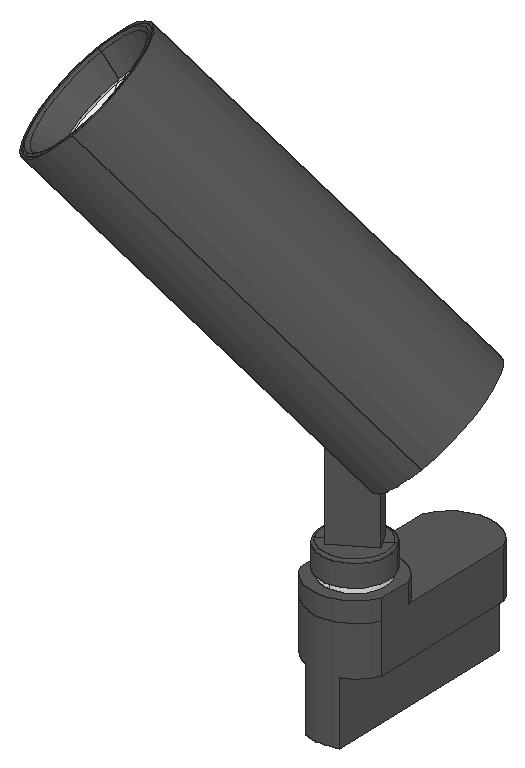
Revit family "0005429 Sylvania Lighting Fixture START Track Spot Integral 940 MB WB BLK", category Lighting Fixtures, host Face, Revit 2017
Family settings
  Host = Face
  Round Connector Dimension = Use Diameter
  Part Type = Normal
  OmniClass Number = 23.80.70.00
  OmniClass Title = Lighting
  Cut with Voids When Loaded = No
  Light Source = No
  Shared = No
  Room Calculation Point = No
Parameters (values of type "0005429 ST TRK SPT INTGRL 1500LM 940 MB BLK")
  Weight = "5.832 kg"
  Wattage Comments = ""
  WarrantyStartDate [instance] = "n/a"
  WarrantyGuarantorParts = "n/a"
  WarrantyDurationUnit = "n/a"
  WarrantyDurationParts = "n/a"
  WarrantyDescription = "n/a"
  Voltage = 230 V
  VerticalRotation_SYL [instance] = 60.00°
  VerticalEndAngle_SYL [instance] = VerticalRotation_SYL - 180.00°  # -120.00°
  URL = "http://www.sylvania-lighting.com"
  TypeName = "START Track Spot Integral 1500lm 940 MB WB BLK"
  TypeHead_SYL = START Track Spot Integral Head : 0005429 ST TRK SPT INTGRL 1500LM 940 MB BLK
  TypeArm_SYL = START Track Spot Integral Arm : START Track Spot Integral BL
  Type Image = <None>
  Type Comments = "n/a"
  SerialNumber [instance] = "n/a"
  Material_3_SYL = none
  PowerFactor = 0
  PowerConsumption = "17 W"
  NominalLength = 0 mm
  NominalHeight = 0 mm
  NominalDepth = 0 mm
  Name = "START Track Spot Integral 1500lm 940 MB WB BLK"
  ModelReference = Name  # "START Track Spot Integral 1500lm 940 MB WB BLK"
  ModelNumber = "0005429"
  Model = Name  # "START Track Spot Integral 1500lm 940 MB WB BLK"
  Material = "n/a"
  ManufacturerName = "Feilo Sylvania"
  Manufacturer = "Feilo Sylvania"
  LuminousEfficacy = "85.45 lm/W"
  LuminaireType = ""
  LightOutputRatio = "n/a"
  LampsType = Lamp  # "LED"
  LampNominalLuminous = "1500 lm"
  LampMacAdamStep = "3"
  LampColourTemperature = "4000"
  LampColourRenderingIndex = "90"
  Lamp = "LED"
  Keynote = "16500"
  InstallationDate [instance] = "n/a"
  InputVoltage = "220-240V~"
  InputNominalFrequency = "50/60 Hz"
  IngressProtection = "IP20"
  ImpactProtectionIndex = "IK03"
  IfcExportType = "IfcLightFixtureType"
  IfcExportAs = "IfcLightFixtureType"
  HorizontalRotation_SYL [instance] = 45.00°
  ExpectedLife = 50000
  ElectricShockClassification = "Class I"
  DurationUnit = "hours"
  DocumentationLiterature = "http://www.sylvania-lighting.com/product/en-int/products/0005429"
  DimmingControlOptions = "Non dimmable"
  Material_2_SYL = Spacer-Sylvania-StartTrackSpot-Aluminium
  Description = ""
  Default Elevation = 1219.2 mm
  CreatedOn = "9/6/2018"
  CreatedBy = ""
  Cost = 0
  built-in parameter 1114216 [instance] = (empty or 0)
  ClassificationValue = "EF_70_80"
  ClassificationName = "Uniclass2015"
  Material_1_SYL = Body-Sylvania-StartTrackSpot-Black
  BarCode [instance] = "n/a"
  AssetType = "Fixed"
  AssetIdentifier [instance] = "n/a"
  Assembly Code = "D5020200"
  Apparent Load = 17 VA
  Material_4_SYL = none
Types (2, lengths in mm): name | TypeName | TypeHead_SYL | Name | ModelReference | Model | LuminousEfficacy | LampNominalLuminous
  0005429 ST TRK SPT INTGRL 1500LM 940 MB BLK | "START Track Spot Integral 1500lm 940 MB WB BLK" | START Track Spot Integral Head : 0005429 ST TRK SPT INTGRL 1500LM 940 MB BLK | "START Track Spot Integral 1500lm 940 MB WB BLK" | "START Track Spot Integral 1500lm 940 MB WB BLK" | "START Track Spot Integral 1500lm 940 MB WB BLK" | "85.45 lm/W" | "1500 lm"
  0005429 ST TRK SPT INTGRL 1550LM 940 WB BLK | "START Track Spot Integral 1550lm 940 MB WB BLK" | START Track Spot Integral Head : 0005429 ST TRK SPT INTGRL 1550LM 940 WB BLK | "START Track Spot Integral 1550lm 940 MB WB BLK" | "START Track Spot Integral 1550lm 940 MB WB BLK" | "START Track Spot Integral 1550lm 940 MB WB BLK" | "90.90 lm/W" | "1550 lm"
Reference planes
  plane 1 "Center (Front/Back)": y = 0
  plane 2: z = 0
  plane 3 "Center (Left/Right)": x = 0
  plane 4: x = 16.6
  plane 5: x = -16.6
  plane 6: x = 7
  plane 7: x = -7
  plane 8: x = -12.8
  plane 9: y = 42
  plane 10: y = 42
  plane 11: y = -42
  plane 12: y = 31.4
  plane 13: y = -31.4
  plane 14: z = -26
  plane 15: z = 20.3
  plane 16: z = 28.5
  plane 17: z = 31.2
  plane 18: y = -17.4
  plane 19: y = -6.8
  plane 20: y = -24.4
Forms (mm)
  Extrusion 1, solid, material "Body-Sylvania-StartTrackSpot-Black" <- "Material_1_SYL"
    sketch origin (0, 0, 0) x (1, 0, 0) y (0, 1, 0)
      loop
        line (-16.6, 31.4) -> (-16.6, -31.4)
        arc (-16.6, -31.4) -> (0, -42) -> (16.6, -31.4) r 18.298
        line (16.6, -31.4) -> (16.6, 31.4)
        arc (16.6, 31.4) -> (0, 42) -> (-16.6, 31.4) r 18.298
    from -26 to 20.3
  Extrusion 2, void
    sketch origin (0, 0, 0) x (1, 0, 0) y (0, 1, 0)
      loop
        arc (-7, 40.608) -> (-12.666, 36.907) -> (-16.6, 31.4) r 18.298
        line (-16.6, 31.4) -> (-16.6, -31.4)
        arc (-16.6, -31.4) -> (-12.666, -36.907) -> (-7, -40.608) r 18.298
        line (-7, -40.608) -> (-7, 40.608)
      loop
        line (16.6, -31.4) -> (16.6, 31.4)
        arc (16.6, 31.4) -> (12.666, 36.907) -> (7, 40.608) r 18.298
        line (7, 40.608) -> (7, -40.608)
        arc (7, -40.608) -> (12.666, -36.907) -> (16.6, -31.4) r 18.298
    from 0 to -26
  Extrusion 3, solid, material "Body-Sylvania-StartTrackSpot-Black" <- "Material_1_SYL"
    sketch origin (1223.4, -4572, 20.3) x (0, -1, 0) y (-1, 0, 0)
      loop
        line (-4540.6, 1240) -> (-4554.6, 1240)
        arc (-4554.6, 1240) -> (-4565.2, 1223.4) -> (-4554.6, 1206.8) r 18.298
        line (-4554.6, 1206.8) -> (-4540.6, 1206.8)
        arc (-4540.6, 1206.8) -> (-4530, 1223.4) -> (-4540.6, 1240) r 18.298
    from -8.2 to 0
  Extrusion 4, solid, material "Spacer-Sylvania-StartTrackSpot-Aluminium" <- "Material_2_SYL"
    sketch origin (1223.4, -4572, 28.5) x (0, -1, 0) y (-1, 0, 0)
      loop
        circle (-4547.6, 1223.4) r 12.7
    from 0 to -2.7
  Revolve 5, solid, not visible
    sketch origin (1524, -24.4, 1219.2) x (1, 0, 0) y (0, 0, 1)
      loop
        line (-1524, -1188) -> (-1524, -1168.735) -> (-1531, -1168.735) -> (-1531, -1188) -> (-1524, -1188)
      axis (-1524, -1168.735) -> (-1524, -1188)
    angle from 60 <- "VerticalRotation_SYL" to -120 <- "VerticalEndAngle_SYL"
Cuts and joins
  Extrusion 2 cuts Extrusion 1
  joined: Extrusion 1, Extrusion 3
Lines and regions (mm)
  reference lines
    curve 1: circle (0, -24.4, 0) r 12.7 normal (0, 0, 1)
    curve 2: arc (-16.6, -31.4, 0) -> (0, -42, 0) -> (16.6, -31.4, 0) r 18.298
    curve 3: arc (-16.6, -17.4, 0) -> (0, -6.8, 0) -> (16.6, -17.4, 0) r 18.298
    curve 4: arc (-16.6, 31.4, 0) -> (0, 42, 0) -> (16.6, 31.4, 0) r 18.298
Dimensions and locks
  plane 6 to plane 3 "Center (Left/Right)" to plane 7 = 7 mm locked, 7 mm locked
  plane 4 to plane 3 "Center (Left/Right)" to plane 5 = 16.6 mm locked, 16.6 mm locked
  locked: plane 3 "Center (Left/Right)" to plane 8 at 12.8
  plane 11 to plane 1 "Center (Front/Back)" to plane 10 = 42 mm locked, 42 mm locked
  plane 13 to plane 1 "Center (Front/Back)" to plane 12 = 31.4 mm locked, 31.4 mm locked
  locked: plane 2 to plane 14 at 26
  locked: plane 15 to plane 2 at 20.3
  plane 17 to plane 16 to plane 15 = 2.7 mm locked, 8.2 mm locked
  locked: plane 13 to plane 18 at 14
  locked: plane 18 to plane 19 at 10.6
  equal spacing: plane 13, plane 20, plane 18
  locked: plane 20 to curve 2 at 0.698
  locked: curve 3 to plane 20 at 0.698
  aligned and locked: plane 2 to host face
  aligned and locked: level to host face
  aligned and locked: plane 3 "Center (Left/Right)" to curve 1
  aligned and locked: plane 20 to curve 1
  aligned and locked: plane 13 to curve 2  (x2)
  aligned and locked: plane 18 to curve 3  (x2)
  aligned and locked: plane 12 to curve 4  (x2)
  aligned and locked: plane 4 to curve 4
  aligned and locked: plane 3 "Center (Left/Right)" to curve 4
  aligned and locked: plane 5 to curve 2
  aligned and locked: plane 5 to curve 3
  aligned and locked: plane 4 to curve 3
  aligned and locked: plane 4 to curve 2
  aligned and locked: plane 12 to Extrusion 1 sketch curve
  aligned and locked: plane 13 to Extrusion 1 sketch curve
  aligned and locked: Extrusion 1 sketch curve to curve 4
  aligned and locked: Extrusion 1 sketch curve to curve 2
  aligned and locked: Extrusion 1 to plane 15
  aligned and locked: plane 14 to Extrusion 1
  aligned and locked: Extrusion 2 sketch curve to Extrusion 1  (x5)
  aligned and locked: Extrusion 2 sketch curve to plane 7
  aligned and locked: plane 14 to Extrusion 2
  aligned and locked: level to Extrusion 2
  aligned and locked: Extrusion 3 sketch curve to cut or joined group of Extrusion 1, Extrusion 2, Extrusion 3  (x2)
  aligned and locked: Extrusion 3 sketch curve to curve 3
  aligned and locked: cut or joined group of Extrusion 1, Extrusion 2, Extrusion 3 to Extrusion 3 sketch curve
  aligned and locked: Extrusion 3 to plane 16
  aligned and locked: plane 15 to Extrusion 3
  aligned and locked: Extrusion 4 sketch curve to curve 1
  aligned and locked: Extrusion 4 to plane 17
  aligned and locked: plane 16 to Extrusion 4
  aligned and locked: Revolve 5 sketch curve to plane 3 "Center (Left/Right)"
  aligned and locked: Extrusion 4 to Revolve 5 sketch curve
  aligned and locked: Revolve 5 sketch curve to Extrusion 4
  aligned and locked: plane 17 to nested 1
Automatic sketch dimensions
  host sketch curve to host sketch curve = 2438.4 mm  (x2)
  plane 12 to curve 4 = 7.698 mm
  plane 12 to Extrusion 2 sketch curve = 0 mm
  Extrusion 2 sketch curve to Extrusion 2 sketch curve = 0 mm  (x2)
  Extrusion 2 sketch curve to plane 6 = 0 mm
  Revolve 5 sketch curve to plane 7 = 0 mm
  Revolve 5 sketch curve to Revolve 5 sketch curve = 19.265 mm
  plane 14 to Revolve 5 sketch curve = 583.6 mm
  Revolve 5 sketch curve to Revolve 5 sketch curve = 2558.594 mm
  radius of curve 1 = 12.7 mm
Nested families
  nested 1: "START Track Spot Integral Arm" at (0, -24.4, 31.2) x (0, 0, -1) z (0.866, 0.5, 0), type <- "TypeArm_SYL", HorizontalRotation_SYL <- "HorizontalRotation_SYL", type "START Track Spot Integral BL"
    with HorizontalRotation_SYL 45.00°, HorizontalEndAngle_SYL -135.00°
  nested 2: "START Track Spot Integral Head" at (12.554, -17.152, 97.696) x (-0.5, 0.866, 0) z (0.6124, 0.3536, -0.7071), type <- "TypeHead_SYL", type "0005429 ST TRK SPT INTGRL 1500LM 940 MB BLK"
    with built-in parameter 1114216 (empty or 0)
Connectors
  electrical at (0, 0, 0), driven by "Apparent Load", driven by "PowerFactor", driven by "Voltage"
    settings: index 1, voltage 230 V, apparent load 17 VA, apparent load phase1 0 VA, apparent load phase2 0 VA, apparent load phase3 0 VA, power factor 0, load classification "Lighting", number of poles 1, system type 30, power factor state 1, is connector primary yes, connector utility no, sub classification motor no, connector description ""
Definition of nested family "START Track Spot Integral Arm"
  Parameters (values of type "START Track Spot Integral WH")
    URL = "http://www.sylvania-lighting.com"
    Type Image = (empty or 0)
    Type Comments = "n/a"
    Material_3_SYL = none
    Model = ""
    Manufacturer = "Feilo Sylvania"
    Keynote = ""
    Material_2_SYL = none
    HorizontalRotation_SYL [instance] = 0.00°
    HorizontalEndAngle_SYL [instance] = HorizontalRotation_SYL - 180.00°  # -180.00°
    Description = ""
    Default Elevation = 1219.2 mm
    Cost = 0
    Material_1_SYL = none
    Assembly Code = ""
    Material_4_SYL = none
  Types (2): name
    START Track Spot Integral WH
    START Track Spot Integral BL
  Reference planes
    plane 1 "Center (Front/Back)": y = 0
    plane 2: z = 0
    plane 3 "Center (Left/Right)": x = 0
    plane 4: x = -10
    plane 5: z = -14
    plane 6: z = -14
    plane 7: z = 14
    plane 8: x = -52
    plane 9: z = 9
    plane 10: z = -9
    plane 11: x = -60
    plane 12: y = 4.5
    plane 13: y = -4.5
    plane 14: x = -9
    plane 15: z = 13
    plane 16: z = 4
    plane 17: z = -4
    plane 18: x = -55
  Forms (mm)
    Extrusion 1, solid
      sketch origin (4.2, 0, 0) x (1, 0, 0) y (0, 1, 0)
        loop
          line (-1219.2, 1219.2) -> (-1219.2, -1219.2) -> (1219.2, -1219.2) -> (1219.2, 1219.2) -> (-1219.2, 1219.2)
      from 0 to -68.017
    Revolve 2, solid, material <- "Material_1_SYL"
      sketch origin (0, 0, 0) x (1, 0, 0) y (0, 0, 1)
        loop
          line (0, 0) -> (0, 14) -> (-9, 14)
          arc (-9, 14) -> (-9.707, 13.707) -> (-10, 13) r 1
          line (-10, 13) -> (-10, 0) -> (0, 0)
        axis (-10, 0) -> (0, 0)
      angle from 360 to 0
    Extrusion 3, solid, material <- "Material_1_SYL"
      sketch origin (0, 0, 0) x (1, 0, 0) y (0, 0, 1)
        loop
          line (-10, 9) -> (-55, 9)
          arc (-55, 9) -> (-58.536, 7.536) -> (-60, 4) r 5
          line (-60, 4) -> (-60, -4)
          arc (-60, -4) -> (-58.536, -7.536) -> (-55, -9) r 5
          line (-55, -9) -> (-10, -9) -> (-10, 9)
      from -4.5 to 4.5
    Revolve 4, solid, not visible
      sketch origin (-52, -4572, 2609.058) x (0, 0, 1) y (0, -1, 0)
        loop
          line (-2609.058, -4553.46) -> (-2609.058, -4590.54) -> (-2605.058, -4590.54) -> (-2605.058, -4553.46) -> (-2609.058, -4553.46)
        axis (-2609.058, -4553.46) -> (-2609.058, -4590.54)
      angle from 0 <- "HorizontalRotation_SYL" to -180 <- "HorizontalEndAngle_SYL"
  Dimensions and locks
    locked: plane 3 "Center (Left/Right)" to plane 4 at 10
    plane 7 to plane 2 to plane 6 = 14 mm locked, 14 mm locked
    locked: plane 4 to plane 8 at 42
    plane 13 to plane 1 "Center (Front/Back)" to plane 12 = 4.5 mm locked, 4.5 mm locked
    locked: plane 14 to plane 4 at 1
    locked: plane 7 to plane 15 at 1
    locked: plane 9 to plane 16 at 5
    locked: plane 17 to plane 10 at 5
    equal spacing: Revolve 4 sketch curve, plane 1 "Center (Front/Back)", Revolve 4 sketch curve
    locked: Revolve 4 sketch curve to plane 1 "Center (Front/Back)" at 18.54
    locked: plane 18 to plane 11 at 5
    locked: plane 4 to plane 11 at 50
    aligned and locked: plane 2 to Extrusion 1
    aligned and locked: level to Extrusion 1
    aligned and locked: level to Revolve 2 sketch curve  (x2)
    aligned and locked: plane 3 "Center (Left/Right)" to Revolve 2 sketch curve
    aligned and locked: Revolve 2 sketch curve to plane 7
    aligned and locked: plane 4 to Revolve 2 sketch curve
    aligned and locked: plane 15 to Revolve 2 sketch curve
    aligned and locked: plane 14 to Revolve 2 sketch curve
    aligned and locked: Revolve 2 sketch curve to plane 2
    aligned and locked: Extrusion 3 sketch curve to plane 9
    aligned and locked: plane 4 to Extrusion 3 sketch curve
    aligned and locked: plane 10 to Extrusion 3 sketch curve
    aligned and locked: Extrusion 3 sketch curve to plane 11
    aligned and locked: plane 13 to Extrusion 3
    aligned and locked: Extrusion 3 to plane 12
    aligned and locked: plane 16 to Extrusion 3 sketch curve
    aligned and locked: plane 17 to Extrusion 3 sketch curve
    aligned and locked: Revolve 4 sketch curve to level
    aligned and locked: Revolve 4 sketch curve to plane 16
    aligned and locked: Revolve 4 sketch curve to plane 2
    aligned and locked: plane 18 to Extrusion 3 sketch curve  (x2)
Definition of nested family "START Track Spot Integral Head"
  Parameters (values of type "0005432 ST TRK SPT INTGRL 5000LM 940 WB WHT")
    WidthCutOut_SYL = 9.5 mm  # constant formula
    Wattage Comments = "n/a"
    Wattage = 55 W
    built-in parameter 1150110 = 1 (stored number, unit not read)
    URL = "http://www.sylvania-lighting.com"
    Type Image = (empty or 0)
    Type Comments = "n/a"
    built-in parameter 1114217 = 1 (stored number, unit not read)
    Tilt Angle = 90.00°
    built-in parameter 1150109 = 1 (stored number, unit not read)
    built-in parameter 1150134 = 12
    built-in parameter 1150113 = 1 (stored number, unit not read)
    S_SYL = no
    RadiusLensOut_SYL = if(S_SYL, 21 mm, if(M_SYL, 30.5 mm, 33 mm))  # 33 mm
    RadiusLensHolder_SYL = 1.8 mm  # constant formula
    RadiusHead_SYL = if(S_SYL, 30 mm, if(M_SYL, 40 mm, 45.5 mm))  # 45.5 mm
    RadiusEmission_SYL = if(S_SYL, 8 mm, if(M_SYL, 16.5 mm, 16.5 mm))  # 16.5 mm
    Photometric Web File = "0005432 WB.ies"
    Material_3_SYL = none
    Model = "ST TRK SPT INTGRL 5000LM 940 WB WHT"
    Manufacturer = "Feilo Sylvania"
    M_SYL = no
    built-in parameter 1150105 = 397.89 (stored number, unit not read)
    Lumens = 5000 lm
    built-in parameter 1150115 = 1 (stored number, unit not read)
    built-in parameter 1150137 = (empty or 0)
    built-in parameter 1150139 = (empty or 0)
    built-in parameter 1150112 = 1 (stored number, unit not read)
    built-in parameter 1150114 = 1 (stored number, unit not read)
    Lamp = "LED"
    Keynote = "16500"
    Material_2_SYL = none
    built-in parameter 1150132 = (empty or 0)
    built-in parameter 1150102 = (empty or 0)
    built-in parameter 1150107 = 4000 (stored number, unit not read)
    built-in parameter 1150138 = (empty or 0)
    built-in parameter 1150106 = 3.9789 (stored number, unit not read)
    Height_SYL = if(S_SYL, 160 mm, if(M_SYL, 200 mm, 215 mm))  # 215 mm
    Emit from Circle Diameter = RadiusLensOut_SYL * 2  # 66 mm
    Emit Shape Visible in Rendering = no
    built-in parameter 1150104 = 8.4457 (stored number, unit not read)
    DistRotateAxisY_SYL = 16.8 mm  # constant formula
    Dimming Lamp Color Temperature Shift = (empty or 0)
    Description = ""
    DepthLens_SYL = 1.25 * (RadiusHead_SYL - 1 mm - RadiusLensOut_SYL)  # 14.375 mm
    DepthEmission_SYL = Height_SYL / 6.4  # 33.594 mm
    DepthCutOut_SYL = WidthCutOut_SYL * 2  # 19 mm
    Default Elevation = 1219.2 mm
    Cost = 0
    Color Filter = 16777215
    built-in parameter 1114216 [instance] = (empty or 0)
    Material_1_SYL = none
    built-in parameter 1114218 = 1 (stored number, unit not read)
    built-in parameter 1150133 = 10 (stored number, unit not read)
    Assembly Code = "D5020200"
    Apparent Load = 55 VA
    Material_4_SYL = none
  Types (24, lengths in mm): name | Wattage | built-in parameter 1150134 | S_SYL | RadiusLensOut_SYL | RadiusHead_SYL | RadiusEmission_SYL | Photometric Web File | Model | M_SYL | built-in parameter 1150105 | Lumens | built-in parameter 1150107 | built-in parameter 1150106 | Height_SYL | Emit from Circle Diameter | built-in parameter 1150104 | DepthLens_SYL | DepthEmission_SYL | Apparent Load
    0005433 ST TRK SPT INTGRL 5000LM 940 WB BLK | 55 W | 12 | no | 33 | 45.5 | 16.5 | "0005433 WB.ies" | "ST TRK SPT INTGRL 5000LM 940 WB BLK" | no | 397.89 (stored number, unit not read) | 5000 lm | 4000 (stored number, unit not read) | 3.9789 (stored number, unit not read) | 215 | 66 | 8.4457 (stored number, unit not read) | 14.375 | 33.594 | 55 VA
    0005433 ST TRK SPT INTGRL 5000LM 940 MB BLK | 55 W | 12 | no | 33 | 45.5 | 16.5 | "0005433 MB.ies" | "ST TRK SPT INTGRL 5000LM 940 MB BLK" | no | 397.89 (stored number, unit not read) | 5000 lm | 4000 (stored number, unit not read) | 3.9789 (stored number, unit not read) | 215 | 66 | 8.4457 (stored number, unit not read) | 14.375 | 33.594 | 55 VA
    0005432 ST TRK SPT INTGRL 5000LM 940 WB WHT | 55 W | 12 | no | 33 | 45.5 | 16.5 | "0005432 WB.ies" | "ST TRK SPT INTGRL 5000LM 940 WB WHT" | no | 397.89 (stored number, unit not read) | 5000 lm | 4000 (stored number, unit not read) | 3.9789 (stored number, unit not read) | 215 | 66 | 8.4457 (stored number, unit not read) | 14.375 | 33.594 | 55 VA
    0005432 ST TRK SPT INTGRL 5000LM 940 MB WHT | 55 W | 12 | no | 33 | 45.5 | 16.5 | "0005432 MB.ies" | "ST TRK SPT INTGRL 5000LM 940 MB WHT" | no | 397.89 (stored number, unit not read) | 5000 lm | 4000 (stored number, unit not read) | 3.9789 (stored number, unit not read) | 215 | 66 | 8.4457 (stored number, unit not read) | 14.375 | 33.594 | 55 VA
    0005431 ST TRK SPT INTGRL 3000LM 940 WB BLK | 33 W | 12 | no | 30.5 | 40 | 16.5 | "0005431 WB.ies" | "ST TRK SPT INTGRL 3000LM 940 WB BLK" | yes | 238.73 (stored number, unit not read) | 3000 lm | 4000 (stored number, unit not read) | 2.3873 (stored number, unit not read) | 200 | 61 | 8.4457 (stored number, unit not read) | 10.625 | 31.25 | 33 VA
    0005431 ST TRK SPT INTGRL 3000LM 940 MB BLK | 33 W | 12 | no | 30.5 | 40 | 16.5 | "0005431 MB.ies" | "ST TRK SPT INTGRL 3000LM 940 MB BLK" | yes | 238.73 (stored number, unit not read) | 3000 lm | 4000 (stored number, unit not read) | 2.3873 (stored number, unit not read) | 200 | 61 | 8.4457 (stored number, unit not read) | 10.625 | 31.25 | 33 VA
    0005430 ST TRK SPT INTGRL 3000LM 940 WB WHT | 33 W | 12 | no | 30.5 | 40 | 16.5 | "0005430 WB.ies" | "ST TRK SPT INTGRL 3000LM 940 WB WHT" | yes | 238.73 (stored number, unit not read) | 3000 lm | 4000 (stored number, unit not read) | 2.3873 (stored number, unit not read) | 200 | 61 | 8.4457 (stored number, unit not read) | 10.625 | 31.25 | 33 VA
    0005430 ST TRK SPT INTGRL 3000LM 940 MB WHT | 33 W | 12 | no | 30.5 | 40 | 16.5 | "0005430 MB.ies" | "ST TRK SPT INTGRL 3000LM 940 MB WHT" | yes | 238.73 (stored number, unit not read) | 3000 lm | 4000 (stored number, unit not read) | 2.3873 (stored number, unit not read) | 200 | 61 | 8.4457 (stored number, unit not read) | 10.625 | 31.25 | 33 VA
    0005429 ST TRK SPT INTGRL 1500LM 940 WB BLK | 17 W | 12 | yes | 21 | 30 | 8 | "0005429 WB.ies" | "ST TRK SPT INTGRL 1500LM 940 WB BLK" | no | 119.37 (stored number, unit not read) | 1500 lm | 4000 (stored number, unit not read) | 1.1937 (stored number, unit not read) | 160 | 42 | 8.1973 (stored number, unit not read) | 10 | 25 | 17 VA
    0005429 ST TRK SPT INTGRL 1500LM 940 MB BLK | 17 W | 12 | yes | 21 | 30 | 8 | "0005429 MB.ies" | "ST TRK SPT INTGRL 1500LM 940 MB BLK" | no | 119.37 (stored number, unit not read) | 1500 lm | 4000 (stored number, unit not read) | 1.1937 (stored number, unit not read) | 160 | 42 | 8.1973 (stored number, unit not read) | 10 | 25 | 17 VA
    0005428 ST TRK SPT INTGRL 1500LM 940 WB WHT | 17 W | 12 | yes | 21 | 30 | 8 | "0005428 WB.ies" | "ST TRK SPT INTGRL 1500LM 940 WB WHT" | no | 119.37 (stored number, unit not read) | 1500 lm | 4000 (stored number, unit not read) | 1.1937 (stored number, unit not read) | 160 | 42 | 8.1973 (stored number, unit not read) | 10 | 25 | 17 VA
    0005428 ST TRK SPT INTGRL 1500LM 940 MB WHT | 17 W | 12 | yes | 21 | 30 | 8 | "0005428 MB.ies" | "ST TRK SPT INTGRL 1500LM 940 MB WHT" | no | 119.37 (stored number, unit not read) | 1500 lm | 4000 (stored number, unit not read) | 1.1937 (stored number, unit not read) | 160 | 42 | 8.1973 (stored number, unit not read) | 10 | 25 | 17 VA
    0005427 ST TRK SPT INTGRL 4500LM 930 WB BLK | 55 W | (empty or 0) | no | 33 | 45.5 | 16.5 | "0005427 WB.ies" | "ST TRK SPT INTGRL 4500LM 930 WB BLK" | no | 358.1 (stored number, unit not read) | 4500 lm | 3000 (stored number, unit not read) | 3.581 (stored number, unit not read) | 215 | 66 | 7.6012 (stored number, unit not read) | 14.375 | 33.594 | 55 VA
    0005427 ST TRK SPT INTGRL 4500LM 930 MB BLK | 55 W | (empty or 0) | no | 33 | 45.5 | 16.5 | "0005427 MB.ies" | "ST TRK SPT INTGRL 4500LM 930 MB BLK" | no | 358.1 (stored number, unit not read) | 4500 lm | 3000 (stored number, unit not read) | 3.581 (stored number, unit not read) | 215 | 66 | 7.6012 (stored number, unit not read) | 14.375 | 33.594 | 55 VA
    0005426 ST TRK SPT INTGRL 4500LM 930 WB WHT | 55 W | (empty or 0) | no | 33 | 45.5 | 16.5 | "0005426 WB.ies" | "ST TRK SPT INTGRL 4500LM 930 WB WHT" | no | 358.1 (stored number, unit not read) | 4500 lm | 3000 (stored number, unit not read) | 3.581 (stored number, unit not read) | 215 | 66 | 7.6012 (stored number, unit not read) | 14.375 | 33.594 | 55 VA
    0005426 ST TRK SPT INTGRL 4500LM 930 MB WHT | 55 W | (empty or 0) | no | 33 | 45.5 | 16.5 | "0005426 MB.ies" | "ST TRK SPT INTGRL 4500LM 930 MB WHT" | no | 358.1 (stored number, unit not read) | 4500 lm | 3000 (stored number, unit not read) | 3.581 (stored number, unit not read) | 215 | 66 | 7.6012 (stored number, unit not read) | 14.375 | 33.594 | 55 VA
    0005425 ST TRK SPT INTGRL 2700LM 930 WB BLK | 33 W | (empty or 0) | no | 30.5 | 40 | 16.5 | "0005425 WB.ies" | "ST TRK SPT INTGRL 2700LM 930 WB BLK" | yes | 214.86 (stored number, unit not read) | 2700 lm | 3000 (stored number, unit not read) | 2.1486 (stored number, unit not read) | 200 | 61 | 7.6012 (stored number, unit not read) | 10.625 | 31.25 | 33 VA
    0005425 ST TRK SPT INTGRL 2700LM 930 MB BLK | 33 W | (empty or 0) | no | 30.5 | 40 | 16.5 | "0005425 MB.ies" | "ST TRK SPT INTGRL 2700LM 930 MB BLK" | yes | 214.86 (stored number, unit not read) | 2700 lm | 3000 (stored number, unit not read) | 2.1486 (stored number, unit not read) | 200 | 61 | 7.6012 (stored number, unit not read) | 10.625 | 31.25 | 33 VA
    0005424 ST TRK SPT INTGRL 2700LM 930 WB WHT | 33 W | (empty or 0) | no | 30.5 | 40 | 16.5 | "0005424 WB.ies" | "ST TRK SPT INTGRL 2700LM 930 WB WHT" | yes | 214.86 (stored number, unit not read) | 2700 lm | 3000 (stored number, unit not read) | 2.1486 (stored number, unit not read) | 200 | 61 | 7.6012 (stored number, unit not read) | 10.625 | 31.25 | 33 VA
    0005424 ST TRK SPT INTGRL 2700LM 930 MB WHT | 33 W | (empty or 0) | no | 30.5 | 40 | 16.5 | "0005424 MB.ies" | "ST TRK SPT INTGRL 2700LM 930 MB WHT" | yes | 214.86 (stored number, unit not read) | 2700 lm | 3000 (stored number, unit not read) | 2.1486 (stored number, unit not read) | 200 | 61 | 7.6012 (stored number, unit not read) | 10.625 | 31.25 | 33 VA
    0005423 ST TRK SPT INTGRL 1360LM 930 WB BLK | 17 W | (empty or 0) | yes | 21 | 30 | 8 | "0005423 WB.ies" | "ST TRK SPT INTGRL 1360LM 930 WB BLK" | no | 108.23 (stored number, unit not read) | 1360 lm | 3000 (stored number, unit not read) | 1.0823 (stored number, unit not read) | 160 | 42 | 7.4322 (stored number, unit not read) | 10 | 25 | 17 VA
    0005423 ST TRK SPT INTGRL 1360LM 930 MB BLK | 17 W | (empty or 0) | yes | 21 | 30 | 8 | "0005423 MB.ies" | "ST TRK SPT INTGRL 1360LM 930 MB BLK" | no | 108.23 (stored number, unit not read) | 1360 lm | 3000 (stored number, unit not read) | 1.0823 (stored number, unit not read) | 160 | 42 | 7.4322 (stored number, unit not read) | 10 | 25 | 17 VA
    0005422 ST TRK SPT INTGRL 1360LM 930 WB WHT | 17 W | (empty or 0) | yes | 21 | 30 | 8 | "0005422 WB.ies" | "ST TRK SPT INTGRL 1360LM 930 WB WHT" | no | 108.23 (stored number, unit not read) | 1360 lm | 3000 (stored number, unit not read) | 1.0823 (stored number, unit not read) | 160 | 42 | 7.4322 (stored number, unit not read) | 10 | 25 | 17 VA
    0005422 ST TRK SPT INTGRL 1360LM 930 MB WHT | 17 W | (empty or 0) | yes | 21 | 30 | 8 | "0005422 MB.ies" | "ST TRK SPT INTGRL 1360LM 930 MB WHT" | no | 108.23 (stored number, unit not read) | 1360 lm | 3000 (stored number, unit not read) | 1.0823 (stored number, unit not read) | 160 | 42 | 7.4322 (stored number, unit not read) | 10 | 25 | 17 VA
  Reference planes
    plane 1 "Center (Front/Back)": y = 0
    plane 2: z = 0
    plane 3 "Center (Left/Right)": x = 0
    plane 4: x = 45.5
    plane 5: z = 16.8
    plane 6: z = -198.2
    plane 7: x = 44.5
    plane 8: x = 33
    plane 9: x = 16.5
    plane 10: z = -183.825
    plane 11: z = -164.606
    plane 12: z = -11.2
    plane 13: x = 43.5
    plane 14: x = 38.25
    plane 15: z = -181.825
    plane 16: z = -162.606
    plane 17: z = -1
    plane 18: x = 4.75
    plane 19: x = -4.75
    plane 20: y = -45.5
    plane 21: y = -26.5
    plane 22: x = 42.5
    plane 23: y = -36
  Forms (mm)
    Extrusion 1, solid
      sketch origin (4.2, 0, 0) x (1, 0, 0) y (0, 1, 0)
        loop
          line (-1219.2, 1219.2) -> (-1219.2, -1219.2) -> (1219.2, -1219.2) -> (1219.2, 1219.2) -> (-1219.2, 1219.2)
      from 0 to -68.017
    Revolve 2, solid, material <- "Material_1_SYL"
      sketch origin (0, 0, 0) x (1, 0, 0) y (0, 0, 1)
        loop
          line (45.5, -198.2) -> (45.5, 16.8) -> (44.5, 16.8) -> (44.5, -198.2) -> (45.5, -198.2)
        axis (0, 16.8) -> (0, -198.2)
      angle from 360 to 0
    Revolve 3, solid, material <- "Material_1_SYL"
      sketch origin (0, 0, 0) x (1, 0, 0) y (0, 0, 1)
        loop
          line (44.5, 16.8) -> (43.5, 16.8)
          arc (43.5, 16.8) -> (38.25, 15.673) -> (33, 16.8) r 12.796
          line (33, 16.8) -> (0, 16.8) -> (0, -11.2) -> (44.5, -11.2) -> (44.5, 16.8)
        axis (0, 16.8) -> (0, -11.2)
      angle from 360 to 0
    Revolve 4, solid, material <- "Material_2_SYL"
      sketch origin (0, 0, 0) x (1, 0, 0) y (0, 0, 1)
        loop
          line (44.5, -181.825) -> (0, -181.825) -> (0, -183.825) -> (44.5, -183.825) -> (44.5, -181.825)
        axis (0, -181.825) -> (0, -183.825)
      angle from 360 to 0
    Revolve 5, solid
      sketch origin (0, 0, 0) x (1, 0, 0) y (0, 0, 1)
        loop
          line (0, -164.606) -> (16.5, -164.606)
          arc (16.5, -164.606) -> (30.37, -169.432) -> (38.25, -181.825) r 22.346
          line (38.25, -181.825) -> (44.5, -181.825) -> (44.5, -162.606) -> (0, -162.606) -> (0, -164.606)
        axis (0, -162.606) -> (0, -181.825)
      angle from 360 to 0
    Extrusion 6, void
      sketch origin (1524, -45.5, 1219.2) x (-1, 0, 0) y (0, 0, 1)
        loop
          line (1528.75, -1230.4) -> (1528.75, -1202.4) -> (1519.25, -1202.4) -> (1519.25, -1230.4) -> (1528.75, -1230.4)
      from 0 to 19
    Revolve 7, solid, material <- "Material_1_SYL"
      sketch origin (0, 0, 0) x (1, 0, 0) y (0, 0, 1)
        loop
          line (33, -183.825) -> (42.006, -197.453)
          arc (42.006, -197.453) -> (42.534, -197.999) -> (43.267, -198.2) r 1.437
          line (43.267, -198.2) -> (44.5, -198.2) -> (44.5, -183.825) -> (33, -183.825)
        axis (0, -183.825) -> (0, -198.2)
      angle from 360 to 0
  Cuts and joins
    Extrusion 6 cuts Revolve 3
    Extrusion 6 cuts Revolve 2
  Lines and regions (mm)
    reference lines
      curve 1: arc (33, 0, 16.8) -> (38.25, 0, 15.673) -> (43.5, 0, 16.8) r 12.796
      curve 2: line (33, 0, -183.825) -> (42.5, 0, -198.2)
  Dimensions and locks
    "RadiusHead_SYL": plane 4 to plane 3 "Center (Left/Right)"
    "DistRotateAxisY_SYL": plane 5 to plane 2
    "Height_SYL": plane 5 to plane 6
    locked: plane 4 to plane 7 at 1
    "RadiusLensOut_SYL": plane 8 to plane 3 "Center (Left/Right)"
    "RadiusEmission_SYL": plane 9 to plane 3 "Center (Left/Right)"
    "DepthLens_SYL": plane 10 to plane 6
    "DepthEmission_SYL": plane 11 to plane 6
    locked: plane 5 to plane 12 at 28
    locked: plane 4 to plane 13 at 2
    equal spacing: plane 13, plane 14, plane 8
    locked: plane 5 to curve 1 at 1.127
    locked: plane 15 to plane 10 at 2
    locked: plane 16 to plane 11 at 2
    locked: plane 2 to plane 17 at 1
    equal spacing: plane 18, plane 3 "Center (Left/Right)", plane 19
    "WidthCutOut_SYL": plane 18 to plane 19
    "RadiusHead_SYL": plane 20 to plane 1 "Center (Front/Back)"
    "DepthCutOut_SYL": plane 20 to plane 21
    locked: plane 4 to plane 22 at 3
    equal spacing: plane 20, plane 23, plane 21
    aligned and locked: plane 2 to Extrusion 1
    aligned and locked: level to Extrusion 1
    aligned and locked: plane 8 to curve 1
    aligned and locked: plane 13 to curve 1
    aligned and locked: plane 14 to curve 1
    aligned and locked: plane 5 to curve 1
    aligned and locked: Revolve 2 sketch curve to plane 3 "Center (Left/Right)"
    aligned and locked: Revolve 2 sketch curve to plane 6
    aligned and locked: Revolve 2 sketch curve to plane 4
    aligned and locked: plane 5 to Revolve 2 sketch curve
    aligned and locked: plane 7 to Revolve 2 sketch curve
    aligned and locked: Revolve 3 sketch curve to plane 3 "Center (Left/Right)"
    aligned and locked: Revolve 3 sketch curve to Revolve 2  (x3)
    aligned and locked: Revolve 3 sketch curve to plane 12
    aligned and locked: plane 3 "Center (Left/Right)" to Revolve 3 sketch curve
    aligned and locked: Revolve 3 sketch curve to curve 1
    aligned and locked: plane 5 to Revolve 3 sketch curve
    aligned and locked: Revolve 4 sketch curve to plane 3 "Center (Left/Right)"  (x2)
    aligned and locked: Revolve 4 sketch curve to plane 15
    aligned and locked: plane 7 to Revolve 4 sketch curve
    aligned and locked: Revolve 5 sketch curve to plane 3 "Center (Left/Right)"  (x2)
    aligned and locked: plane 3 "Center (Left/Right)" to Revolve 5 sketch curve
    aligned and locked: plane 9 to Revolve 5 sketch curve
    aligned and locked: plane 11 to Revolve 5 sketch curve
    aligned and locked: plane 14 to Revolve 5 sketch curve
    aligned and locked: plane 15 to Revolve 5 sketch curve
    aligned and locked: plane 12 to Extrusion 6 sketch curve
    aligned and locked: Extrusion 6 sketch curve to plane 19
    aligned and locked: Extrusion 6 sketch curve to plane 5
    aligned and locked: plane 18 to Extrusion 6 sketch curve
    aligned and locked: Extrusion 6 to plane 21
    aligned and locked: plane 20 to Extrusion 6
    aligned and locked: plane 10 to curve 2
    aligned and locked: plane 22 to curve 2
    aligned and locked: Revolve 7 sketch curve to plane 3 "Center (Left/Right)"
    aligned and locked: plane 10 to Revolve 7 sketch curve
    aligned and locked: Revolve 7 sketch curve to Revolve 4
    aligned and locked: Revolve 7 sketch curve to curve 2
    aligned and locked: plane 3 "Center (Left/Right)" to imposter light
    aligned and locked: imposter light to plane 1 "Center (Front/Back)"
    aligned and locked: imposter light to plane 10
  Automatic sketch dimensions
    Extrusion 1 sketch curve to Extrusion 1 sketch curve = 2438.4 mm  (x2)
    plane 6 to Revolve 2 sketch curve = 487.1 mm
    Revolve 2 sketch curve to plane 5 = 2571.558 mm
    plane 6 to Revolve 3 sketch curve = 487.1 mm
    Revolve 3 sketch curve to Revolve 3 sketch curve = 2566.685 mm
    plane 6 to Revolve 4 sketch curve = 487.1 mm
    Revolve 4 sketch curve to plane 5 = 2571.558 mm
    Revolve 5 sketch curve to plane 11 = 2 mm
    plane 6 to Revolve 5 sketch curve = 487.1 mm
    Revolve 5 sketch curve to plane 5 = 2571.558 mm
    Revolve 5 sketch curve to plane 7 = 0 mm
    Revolve 4 sketch curve to plane 10 = 0 mm
    curve 2 to plane 8 = 0 mm
    curve 1 to plane 14 = 0 mm
    curve 2 to plane 6 = 0 mm
    curve 1 to plane 13 = 0 mm
    Revolve 7 sketch curve to plane 6 = 0 mm
    Revolve 7 sketch curve to plane 22 = 0.494 mm
    Revolve 7 sketch curve to plane 13 = 0.233 mm
    plane 6 to Revolve 7 sketch curve = 474.6 mm
    Revolve 7 sketch curve to plane 5 = 2584.058 mm
